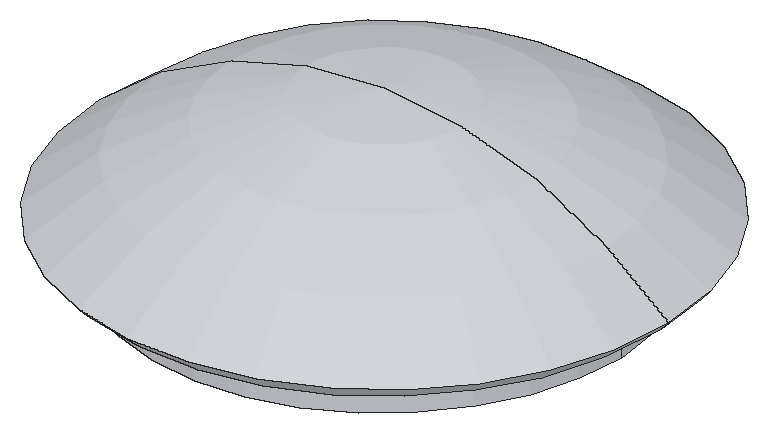
Revit family "0043436", category Lighting Fixtures, host Face, Revit 2017
Family settings
  Host = Face
  Round Connector Dimension = Use Diameter
  Part Type = Normal
  OmniClass Number = 23.80.70.00
  OmniClass Title = Lighting
  Cut with Voids When Loaded = No
  Light Source = Yes
  Shared = No
  Room Calculation Point = No
Parameters (values of type "0043436_3000K START eco Surface IP44 2050LM MW 830/840 DT")
  YIN_SENSOR_SYL = no
  YIN_360_SYL = yes
  YIN_330_SYL = no
  YIN_250_SYL = no
  YIN_180_SYL = no
  Weight = "3.42 kg"
  Wattage Comments = ""
  Wattage = 24 W
  WarrantyStartDate [instance] = "n/a"
  WarrantyGuarantorParts = "n/a"
  WarrantyDurationUnit = "n/a"
  WarrantyDurationParts = "n/a"
  WarrantyDescription = "n/a"
  built-in parameter 1150110 = 1 (stored number, unit not read)
  Voltage = 0 V
  URL = "http://www.sylvania-lighting.com"
  TypeName = "Start eco Surface IP44 2050lm MW 830/840 DualTone"
  Type Image = <None>
  Type Comments = "n/a"
  built-in parameter 1114217 = 1 (stored number, unit not read)
  Tilt Angle = -90.00°
  built-in parameter 1150109 = 1 (stored number, unit not read)
  built-in parameter 1150134 = (empty or 0)
  built-in parameter 1150113 = 1 (stored number, unit not read)
  SerialNumber [instance] = "n/a"
  SENSOR_SYL = 12 mm
  Photometric Web File = "0043436_3000K.ies"
  Material_3_SYL = none
  PowerFactor = 0
  PowerConsumption = "n/a"
  NominalLength = 360 mm
  NominalHeight = 100 mm
  NominalDepth = 360 mm
  Name = "Start eco Surface IP44 2050lm MW 830/840 DualTone"
  ModelReference = Name  # "Start eco Surface IP44 2050lm MW 830/840 DualTone"
  ModelNumber = "0043436"
  Model = Name  # "Start eco Surface IP44 2050lm MW 830/840 DualTone"
  Material = "steel housing, other diffuser"
  ManufacturerName = "Feilo Sylvania"
  Manufacturer = "Feilo Sylvania"
  LuminousEfficacy = "n/a"
  built-in parameter 1150105 = (empty or 0)
  Lumens = 0 lm
  LuminaireType = ""
  built-in parameter 1150115 = 1 (stored number, unit not read)
  LightOutputRatio = "n/a"
  built-in parameter 1150137 = (empty or 0)
  built-in parameter 1150139 = (empty or 0)
  LampsType = Lamp  # "LED"
  LampNominalLuminous = "2050 lm"
  LampMacAdamStep = "6"
  LampColourTemperature = "3000 K"
  LampColourRenderingIndex = "80"
  built-in parameter 1150112 = 1 (stored number, unit not read)
  built-in parameter 1150114 = 1 (stored number, unit not read)
  Lamp = "LED"
  LUM_R_SYL = if(YIN_180_SYL, 90 mm, if(YIN_250_SYL, 125 mm, if(YIN_330_SYL, 165 mm, if(YIN_360_SYL, 180 mm, 180 mm))))  # 180 mm
  LUM_R_HEIGHT_SYL = LUM_H_SYL - 30 mm  # 70 mm
  LUM_H_SYL = if(YIN_180_SYL, 75 mm, if(YIN_250_SYL, 80 mm, if(YIN_330_SYL, 96 mm, if(YIN_360_SYL, 100 mm, 100 mm))))  # 100 mm
  Keynote = "16500"
  InstallationDate [instance] = "n/a"
  InputVoltage = "n/a"
  InputNominalFrequency = "n/a"
  built-in parameter 1150132 = (empty or 0)
  built-in parameter 1150102 = (empty or 0)
  built-in parameter 1150107 = 3000 (stored number, unit not read)
  built-in parameter 1150138 = (empty or 0)
  IngressProtection = "IP44"
  ImpactProtectionIndex = "IK03"
  built-in parameter 1150106 = 1.0982 (stored number, unit not read)
  IfcExportType = "IfcLightFixtureType"
  IfcExportAs = "IfcLightFixtureType"
  Emit from Circle Diameter = 609.6 mm
  Emit Shape Visible in Rendering = no
  ElectricShockClassification = "Class I"
  built-in parameter 1150104 = (empty or 0)
  DocumentationLiterature = "http://www.sylvania-lighting.com/product/en-int/products/0043436"
  DimmingControlOptions = "n/a"
  Material_2_SYL = none
  Dimming Lamp Color Temperature Shift = <None>
  Description = ""
  Default Elevation = 1219.2 mm
  CreatedOn = "8/18/2020"
  CreatedBy = "@sylvania-lighting.com"
  Cost = 0
  Color Filter = 16777215
  built-in parameter 1114216 [instance] = (empty or 0)
  ClassificationValue = "EF_70_80"
  ClassificationName = "Uniclass2015"
  Material_1_SYL = none
  BarCode [instance] = "n/a"
  built-in parameter 1114218 = 1 (stored number, unit not read)
  BOTTOM_R_SYL = if(YIN_180_SYL, 76 mm, if(YIN_250_SYL, 110 mm, if(YIN_330_SYL, 150 mm, if(YIN_360_SYL, 150 mm, 150 mm))))  # 150 mm
  BOTTOM_HEIGHT_SYL = LUM_H_SYL - 15 mm  # 85 mm
  built-in parameter 1150133 = 10 (stored number, unit not read)
  AssetType = "Fixed"
  AssetIdentifier [instance] = "n/a"
  Assembly Code = "D5020200"
  Apparent Load = 0 VA
  Material_4_SYL = none
Types (16, lengths in mm): name | YIN_360_SYL | YIN_330_SYL | YIN_250_SYL | YIN_180_SYL | Weight | Wattage | TypeName | built-in parameter 1150134 | Photometric Web File | PowerFactor | PowerConsumption | NominalLength | NominalHeight | NominalDepth | Name | ModelReference | ModelNumber | Model | LuminousEfficacy | built-in parameter 1150105 | Lumens | LampNominalLuminous | LampColourTemperature | LUM_R_SYL | LUM_R_HEIGHT_SYL | LUM_H_SYL | built-in parameter 1150107 | built-in parameter 1150106 | built-in parameter 1150104 | DocumentationLiterature | BOTTOM_R_SYL | BOTTOM_HEIGHT_SYL | Apparent Load
  0043436_3000K START eco Surface IP44 2050LM MW 830/840 DT | yes | no | no | no | "3.42 kg" | 24 W | "Start eco Surface IP44 2050lm MW 830/840 DualTone" | (empty or 0) | "0043436_3000K.ies" | 0 | "n/a" | 360 | 100 | 360 | "Start eco Surface IP44 2050lm MW 830/840 DualTone" | "Start eco Surface IP44 2050lm MW 830/840 DualTone" | "0043436" | "Start eco Surface IP44 2050lm MW 830/840 DualTone" | "n/a" | (empty or 0) | 0 lm | "2050 lm" | "3000 K" | 180 | 70 | 100 | 3000 (stored number, unit not read) | 1.0982 (stored number, unit not read) | (empty or 0) | "http://www.sylvania-lighting.com/product/en-int/products/0043436" | 150 | 85 | 0 VA
  0043435_4000K START eco Surface IP44 1550LM MW 830/840 DT | no | yes | no | no | "3.42 kg" | 18 W | "Start eco Surface IP44 1550lm MW 830/840 DualTone" | 12 | "0043435_4000K.ies" | 0 | "n/a" | 330 | 96 | 330 | "Start eco Surface IP44 1550lm MW 830/840 DualTone" | "Start eco Surface IP44 1550lm MW 830/840 DualTone" | "0043435" | "Start eco Surface IP44 1550lm MW 830/840 DualTone" | "n/a" | (empty or 0) | 0 lm | "1550 lm" | "4000 K" | 165 | 66 | 96 | 4000 (stored number, unit not read) | 1.0982 (stored number, unit not read) | (empty or 0) | "http://www.sylvania-lighting.com/product/en-int/products/0043435" | 150 | 81 | 0 VA
  0043435_3000K START eco Surface IP44 1550LM MW 830/840 DT | no | yes | no | no | "3.42 kg" | 18 W | "Start eco Surface IP44 1550lm MW 830/840 DualTone" | (empty or 0) | "0043435_3000K.ies" | 0 | "n/a" | 330 | 96 | 330 | "Start eco Surface IP44 1550lm MW 830/840 DualTone" | "Start eco Surface IP44 1550lm MW 830/840 DualTone" | "0043435" | "Start eco Surface IP44 1550lm MW 830/840 DualTone" | "n/a" | (empty or 0) | 0 lm | "1550 lm" | "3000 K" | 165 | 66 | 96 | 3000 (stored number, unit not read) | 1.0982 (stored number, unit not read) | (empty or 0) | "http://www.sylvania-lighting.com/product/en-int/products/0043435" | 150 | 81 | 0 VA
  0043434_4000K START eco Surface IP44 2050LM DIM 30/840 DT | yes | no | no | no | "3.54 kg" | 24 W | "Start eco Surface IP44 2050lm DIM 830/840 DualTone" | 12 | "0043434_4000K.ies" | 0 | "n/a" | 360 | 100 | 360 | "Start eco Surface IP44 2050lm DIM 830/840 DualTone" | "Start eco Surface IP44 2050lm DIM 830/840 DualTone" | "0043434" | "Start eco Surface IP44 2050lm DIM 830/840 DualTone" | "n/a" | (empty or 0) | 0 lm | "2050 lm" | "4000 K" | 180 | 70 | 100 | 4000 (stored number, unit not read) | 1.0982 (stored number, unit not read) | (empty or 0) | "http://www.sylvania-lighting.com/product/en-int/products/0043434" | 150 | 85 | 0 VA
  0043434_3000K START eco Surface IP44 2050LM DIM 30/840 DT | yes | no | no | no | "3.54 kg" | 24 W | "Start eco Surface IP44 2050lm DIM 830/840 DualTone" | (empty or 0) | "0043434_3000K.ies" | 0 | "n/a" | 360 | 100 | 360 | "Start eco Surface IP44 2050lm DIM 830/840 DualTone" | "Start eco Surface IP44 2050lm DIM 830/840 DualTone" | "0043434" | "Start eco Surface IP44 2050lm DIM 830/840 DualTone" | "n/a" | (empty or 0) | 0 lm | "2050 lm" | "3000 K" | 180 | 70 | 100 | 3000 (stored number, unit not read) | 1.0982 (stored number, unit not read) | (empty or 0) | "http://www.sylvania-lighting.com/product/en-int/products/0043434" | 150 | 85 | 0 VA
  0043433_4000K START eco Surface IP44 1550LM DIM 830/840 DT | no | yes | no | no | "3.54 kg" | 18 W | "Start eco Surface IP44 1550lm DIM 830/840 DualTone" | 12 | "0043433_4000K.ies" | 0 | "n/a" | 330 | 96 | 330 | "Start eco Surface IP44 1550lm DIM 830/840 DualTone" | "Start eco Surface IP44 1550lm DIM 830/840 DualTone" | "0043433" | "Start eco Surface IP44 1550lm DIM 830/840 DualTone" | "n/a" | (empty or 0) | 0 lm | "1550 lm" | "4000 K" | 165 | 66 | 96 | 4000 (stored number, unit not read) | 1.0982 (stored number, unit not read) | (empty or 0) | "http://www.sylvania-lighting.com/product/en-int/products/0043433" | 150 | 81 | 0 VA
  0043433_3000K START eco Surface IP44 1550LM DIM 830/840 DT | no | yes | no | no | "3.54 kg" | 18 W | "Start eco Surface IP44 1550lm DIM 830/840 DualTone" | (empty or 0) | "0043433_3000K.ies" | 0 | "n/a" | 330 | 96 | 330 | "Start eco Surface IP44 1550lm DIM 830/840 DualTone" | "Start eco Surface IP44 1550lm DIM 830/840 DualTone" | "0043433" | "Start eco Surface IP44 1550lm DIM 830/840 DualTone" | "n/a" | (empty or 0) | 0 lm | "1550 lm" | "3000 K" | 165 | 66 | 96 | 3000 (stored number, unit not read) | 1.0982 (stored number, unit not read) | (empty or 0) | "http://www.sylvania-lighting.com/product/en-int/products/0043433" | 150 | 81 | 0 VA
  0043428_4000K START eco Surface IP44 2050LM 830/840 DT | yes | no | no | no | "3.12 kg" | 24 W | "Start eco Surface IP44 2050lm 830/840 DualTone" | 12 | "0043428_4000K.ies" | 0 | "n/a" | 360 | 100 | 360 | "Start eco Surface IP44 2050lm 830/840 DualTone" | "Start eco Surface IP44 2050lm 830/840 DualTone" | "0043428" | "Start eco Surface IP44 2050lm 830/840 DualTone" | "n/a" | (empty or 0) | 0 lm | "2050 lm" | "4000 K" | 180 | 70 | 100 | 4000 (stored number, unit not read) | 1.0982 (stored number, unit not read) | (empty or 0) | "http://www.sylvania-lighting.com/product/en-int/products/0043428" | 150 | 85 | 0 VA
  0043428_3000K START eco Surface IP44 2050LM 830/840 DT | yes | no | no | no | "3.12 kg" | 24 W | "Start eco Surface IP44 2050lm 830/840 DualTone" | (empty or 0) | "0043428_3000K.ies" | 0 | "n/a" | 360 | 100 | 360 | "Start eco Surface IP44 2050lm 830/840 DualTone" | "Start eco Surface IP44 2050lm 830/840 DualTone" | "0043428" | "Start eco Surface IP44 2050lm 830/840 DualTone" | "n/a" | (empty or 0) | 0 lm | "2050 lm" | "3000 K" | 180 | 70 | 100 | 3000 (stored number, unit not read) | 1.0982 (stored number, unit not read) | (empty or 0) | "http://www.sylvania-lighting.com/product/en-int/products/0043428" | 150 | 85 | 0 VA
  0043427_4000K START eco Surface IP44 1550LM 830/840 DT | no | yes | no | no | "3.12 kg" | 18 W | "Start eco Surface IP44 1550lm 830/840 DualTone" | 12 | "0043427_4000K.ies" | 0 | "n/a" | 330 | 96 | 330 | "Start eco Surface IP44 1550lm 830/840 DualTone" | "Start eco Surface IP44 1550lm 830/840 DualTone" | "0043427" | "Start eco Surface IP44 1550lm 830/840 DualTone" | "n/a" | (empty or 0) | 0 lm | "1550 lm" | "4000 K" | 165 | 66 | 96 | 4000 (stored number, unit not read) | 1.0982 (stored number, unit not read) | (empty or 0) | "http://www.sylvania-lighting.com/product/en-int/products/0043427" | 150 | 81 | 0 VA
  0043427_3000K START eco Surface IP44 1550LM 830/840 DT | no | yes | no | no | "3.12 kg" | 18 W | "Start eco Surface IP44 1550lm 830/840 DualTone" | (empty or 0) | "0043427_3000K.ies" | 0 | "n/a" | 330 | 96 | 330 | "Start eco Surface IP44 1550lm 830/840 DualTone" | "Start eco Surface IP44 1550lm 830/840 DualTone" | "0043427" | "Start eco Surface IP44 1550lm 830/840 DualTone" | "n/a" | (empty or 0) | 0 lm | "1550 lm" | "3000 K" | 165 | 66 | 96 | 3000 (stored number, unit not read) | 1.0982 (stored number, unit not read) | (empty or 0) | "http://www.sylvania-lighting.com/product/en-int/products/0043427" | 150 | 81 | 0 VA
  0043426_4000K START eco Surface IP44 1025LM 830/840 DT | no | no | yes | no | "1.5 kg" | 12 W | "Start eco Surface IP44 1025lm 830/840 DualTone" | 12 | "0043426_4000K.ies" | 0 | "n/a" | 250 | 80 | 250 | "Start eco Surface IP44 1025lm 830/840 DualTone" | "Start eco Surface IP44 1025lm 830/840 DualTone" | "0043426" | "Start eco Surface IP44 1025lm 830/840 DualTone" | "n/a" | (empty or 0) | 0 lm | "1025 lm" | "4000 K" | 125 | 50 | 80 | 4000 (stored number, unit not read) | 1.0982 (stored number, unit not read) | (empty or 0) | "http://www.sylvania-lighting.com/product/en-int/products/0043426" | 110 | 65 | 0 VA
  0043426_3000K START eco Surface IP44 1025LM 830/840 DT | no | no | yes | no | "1.5 kg" | 12 W | "Start eco Surface IP44 1025lm 830/840 DualTone" | (empty or 0) | "0043426_3000K.ies" | 0 | "n/a" | 250 | 80 | 250 | "Start eco Surface IP44 1025lm 830/840 DualTone" | "Start eco Surface IP44 1025lm 830/840 DualTone" | "0043426" | "Start eco Surface IP44 1025lm 830/840 DualTone" | "n/a" | (empty or 0) | 0 lm | "1025 lm" | "3000 K" | 125 | 50 | 80 | 3000 (stored number, unit not read) | 1.0982 (stored number, unit not read) | (empty or 0) | "http://www.sylvania-lighting.com/product/en-int/products/0043426" | 110 | 65 | 0 VA
  0043425_4000K START eco Surface IP44 520LM 830/840 DT | no | no | no | yes | "1.02 kg" | 6 W | "Start eco Surface IP44 520lm 830/840 DualTone" | 12 | "0043425_4000K.ies" | 0.8 | "6 W" | 180 | 75 | 180 | "Start eco Surface IP44 520lm 830/840 DualTone" | "Start eco Surface IP44 520lm 830/840 DualTone" | "0043425" | "Start eco Surface IP44 520lm 830/840 DualTone" | "85 lm/W" | 40.585 (stored number, unit not read) | 510 lm | "520 lm" | "4000 K" | 90 | 45 | 75 | 4000 (stored number, unit not read) | 0.40585 (stored number, unit not read) | 7.8968 (stored number, unit not read) | "http://www.sylvania-lighting.com/product/en-int/products/0043425" | 76 | 60 | 6 VA
  0043425_3000K START eco Surface IP44 520LM 830/840 DT | no | no | no | yes | "1.02 kg" | 6 W | "Start eco Surface IP44 520lm 830/840 DualTone" | (empty or 0) | "0043425_3000K.ies" | 0.8 | "6 W" | 180 | 75 | 180 | "Start eco Surface IP44 520lm 830/840 DualTone" | "Start eco Surface IP44 520lm 830/840 DualTone" | "0043425" | "Start eco Surface IP44 520lm 830/840 DualTone" | "85 lm/W" | 40.585 (stored number, unit not read) | 510 lm | "520 lm" | "3000 K" | 90 | 45 | 75 | 3000 (stored number, unit not read) | 0.40585 (stored number, unit not read) | 7.8968 (stored number, unit not read) | "http://www.sylvania-lighting.com/product/en-int/products/0043425" | 76 | 60 | 6 VA
  0043436_4000K START eco Surface IP44 2050LM MW 830/840 DT | yes | no | no | no | "3.42 kg" | 24 W | "Start eco Surface IP44 2050lm MW 830/840 DualTone" | 12 | "0043436_4000K.ies" | 0 | "n/a" | 360 | 100 | 360 | "Start eco Surface IP44 2050lm MW 830/840 DualTone" | "Start eco Surface IP44 2050lm MW 830/840 DualTone" | "0043436" | "Start eco Surface IP44 2050lm MW 830/840 DualTone" | "n/a" | (empty or 0) | 0 lm | "2050 lm" | "4000 K" | 180 | 70 | 100 | 4000 (stored number, unit not read) | 1.0982 (stored number, unit not read) | (empty or 0) | "http://www.sylvania-lighting.com/product/en-int/products/0043436" | 150 | 85 | 0 VA
Reference planes
  plane 1 "Center (Front/Back)": y = 0
  plane 2: z = 0
  plane 3 "Center (Left/Right)": x = 0
  plane 4: x = -150
  plane 5: x = -180
  plane 6: z = -100
  plane 7: z = -70
  plane 8: z = -85
  plane 9: z = 12
Forms (mm)
  Revolve 1, solid
    sketch origin (0, 0, 0) x (1, 0, 0) y (0, 0, 1)
      loop
        line (0, -100) -> (0, 0)
        arc (0, 0) -> (-96.445, -18.426) -> (-180, -70) r 271.082
        arc (-180, -70) -> (-166.746, -80.992) -> (-150, -85) r 37.967
        line (-150, -85) -> (-150, -100) -> (0, -100)
      axis (0, -100) -> (0, 0)
    angle from 360 to 0
Dimensions and locks
  "BOTTOM_R_SYL": plane 3 "Center (Left/Right)" to plane 4
  "LUM_R_SYL": plane 3 "Center (Left/Right)" to plane 5
  "BOTTOM_HEIGHT_SYL": host face to plane 8
  "LUM_R_HEIGHT_SYL": host face to plane 7
  "LUM_H_SYL": host face to plane 6
  "SENSOR_SYL": plane 9 to host face
  aligned and locked: plane 2 to host face
  aligned and locked: level to host face
  aligned and locked: Revolve 1 sketch curve to plane 6
  aligned and locked: plane 4 to Revolve 1 sketch curve
  aligned and locked: imposter light to Revolve 1 sketch curve
  aligned and locked: Revolve 1 sketch curve to imposter light
Automatic sketch dimensions
  host sketch curve to host sketch curve = 2438.4 mm  (x2)
  Revolve 1 sketch curve to plane 5 = 0 mm
  Revolve 1 sketch curve to plane 8 = 0 mm
  Revolve 1 sketch curve to plane 7 = 0 mm
  plane 4 to Revolve 1 sketch curve = 0.233 mm
  plane 3 "Center (Left/Right)" to Revolve 1 sketch curve = 1.807 mm
